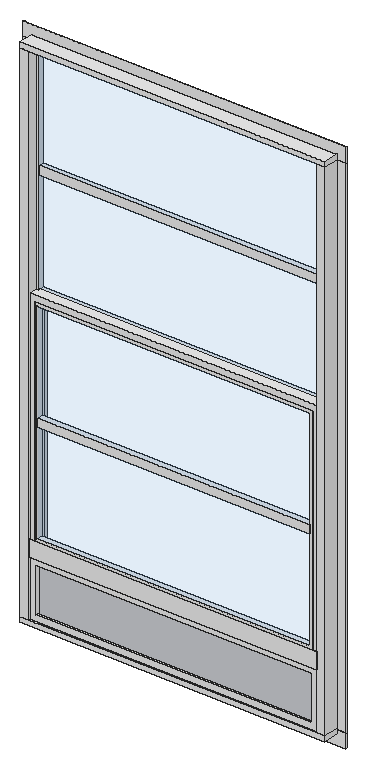
Revit family "Window_Curtain_Wall-Single_Hung-Traco-TR_9100-Heavy_Commercial-Tri_Lite", category Windows, Revit 2015 (continued)
Definition of nested family "Screen-Exterior-Traco-Half"
  Parameters
    Height [instance] = 7' - 0"
    Frame Width = 0' - 1 1/2"
    Frame Thickness = 0' - 0 3/8"
    Default Elevation = 4' - 0"
    Copyright © = "2011 Traco"  # constant formula
    CTRL Width [instance] = Width  # 4' - 0"
    CTRL Height [instance] = Height  # 7' - 0"
    Assembly Code = "B2010300"
  Reference planes (in)
    plane 1 "Center (Front/Back)": y = 0
    plane 2 "Original Ref": z = 0
    plane 3 "Center (Left/Right)": x = -1
    plane 4 "Bottom": z = 1.5
    plane 5 "Front": y = -42
    plane 6 "Back": y = 42
    plane 7 "Left": x = -25
    plane 8 "Right": x = 23
    plane 9 "Back Inset": y = 40.5
    plane 10 "Left Inset": x = -23.5
    plane 11 "Right Inset": x = 21.5
    plane 12 "Top": z = 1.875
    plane 13 "Front Inset": y = -40.5
    plane 14 "Screen Bottom": z = 1.635
  Forms (in)
    Extrusion 1, solid
      sketch origin (0, 0, 0) x (1, 0, 0) y (0, 1, 0)
        loop
          line (-48, 48) -> (-48, -48) -> (48, -48) -> (48, 48) -> (-48, 48)
      from 0 to -12
    Extrusion 2, solid, material <- "Frame Material", detail levels medium+fine
      sketch origin (0, 0, 0) x (1, 0, 0) y (0, 1, 0)
        loop
          line (-25, 42) -> (-25, -42) -> (23, -42) -> (23, 42) -> (-25, 42)
        loop
          line (21.5, -40.5) -> (21.5, 40.5) -> (-23.5, 40.5) -> (-23.5, -40.5) -> (21.5, -40.5)
      from 1.5 to 1.875
    Extrusion 3, solid, material <- "Screen Material", detail levels medium+fine
      sketch origin (0, 0, 1.875) x (-1, 0, 0) y (0, -1, 0)
        loop
          line (-21.5, 40.5) -> (-21.5, -40.5) -> (23.5, -40.5) -> (23.5, 40.5) -> (-21.5, 40.5)
      from -0.24 to 0
  Lines and regions (in)
    Masking region 1, detail levels medium+fine
      outline origin (0, 0, 0) x (1, 0, 0) y (0, 0, 1)
        loop
          line (-25, 1.875) -> (-25, 1.5) -> (-23.5, 1.5) -> (-23.5, 1.875) -> (-25, 1.875)
        loop
          line (23, 1.5) -> (23, 1.875) -> (21.5, 1.875) -> (21.5, 1.5) -> (23, 1.5)
    Masking region 2, detail levels medium+fine
      outline origin (0, 0, 1.875) x (-1, 0, 0) y (0, -1, 0)
        loop
          line (-23, 42) -> (-23, -42) -> (25, -42) -> (25, 42) -> (-23, 42)
        loop
          line (23.5, -40.5) -> (23.5, 40.5) -> (-21.5, 40.5) -> (-21.5, -40.5) -> (23.5, -40.5)
    Masking region 3, detail levels medium+fine
      outline origin (-1, 0, 0) x (0, 1, 0) y (0, 0, 1)
        loop
          line (-42, 1.875) -> (-42, 1.5) -> (-40.5, 1.5) -> (-40.5, 1.875) -> (-42, 1.875)
        loop
          line (42, 1.5) -> (42, 1.875) -> (40.5, 1.875) -> (40.5, 1.5) -> (42, 1.5)
    model lines, detail levels coarse
      curve 1: line (-25, -42, 1.875) -> (23, -42, 1.875)
      curve 2: line (23, -42, 1.875) -> (23, 42, 1.875)
      curve 3: line (23, 42, 1.875) -> (-25, 42, 1.875)
      curve 4: line (-25, 42, 1.875) -> (-25, -42, 1.875)
    model lines, detail levels fine
      curve 5: line (-25, 42, 1.875) -> (-23.5, 40.5, 1.875)
      curve 6: line (21.5, 40.5, 1.875) -> (23, 42, 1.875)
      curve 7: line (-25, -42, 1.875) -> (-23.5, -40.5, 1.875)
      curve 8: line (21.5, -40.5, 1.875) -> (23, -42, 1.875)
    symbolic lines
      curve 9: line (21.5, 0, 1.635) -> (-23.5, 0, 1.635)
      curve 10: line (-1, 40.5, 1.635) -> (-1, -40.5, 1.635)
      curve 13: line (-23.5, -40.5, 1.875) -> (21.5, 40.5, 1.875)
    symbolic lines, detail levels medium+fine
      curve 11: line (-23.5, 0, 1.875) -> (-1, 40.5, 1.875)
      curve 12: line (-1, -40.5, 1.875) -> (21.5, 0, 1.875)
    symbolic lines, detail levels coarse
      curve 14: line (-23.5, 0, 1.635) -> (-23.5, 0, 1.5)
      curve 15: line (21.5, 0, 1.635) -> (21.5, 0, 1.5)
      curve 16: line (-1, -40.5, 1.5) -> (-1, -40.5, 1.635)
      curve 17: line (-1, 40.5, 1.5) -> (-1, 40.5, 1.635)
  Dimensions and locks (in)
    plane 4 "Bottom" to plane 2 "Original Ref" = 0' - 1 1/2"
    "CTRL Width": plane 7 "Left" to plane 8 "Right"
    "CTRL Height": plane 5 "Front" to plane 6 "Back"
    "Frame Width": plane 6 "Back" to plane 9 "Back Inset"
    "Frame Width": plane 7 "Left" to plane 10 "Left Inset"
    "Frame Width": plane 11 "Right Inset" to plane 8 "Right"
    "Frame Thickness": plane 12 "Top" to plane 4 "Bottom"
    "Frame Width": plane 5 "Front" to plane 13 "Front Inset"
    equal spacing: plane 7 "Left", plane 3 "Center (Left/Right)", plane 8 "Right"
    locked: plane 12 "Top" to plane 14 "Screen Bottom" at 0.24
    equal spacing: plane 5 "Front", plane 1 "Center (Front/Back)", plane 6 "Back"
    "Screen Offset": plane 4 "Bottom" to plane 2 "Original Ref"
    aligned and locked: plane 2 "Original Ref" to Extrusion 1
    aligned and locked: level to Extrusion 1
    aligned and locked: Masking region 1 sketch curve to plane 12 "Top"
    aligned and locked: plane 4 "Bottom" to Masking region 1 sketch curve
    aligned and locked: Masking region 1 sketch curve to plane 7 "Left"
    aligned and locked: Masking region 2 sketch curve to plane 6 "Back"
    aligned and locked: Masking region 2 sketch curve to plane 7 "Left"
    aligned and locked: Masking region 2 sketch curve to plane 5 "Front"
    aligned and locked: Masking region 2 sketch curve to plane 8 "Right"
    aligned and locked: Masking region 2 sketch curve to plane 11 "Right Inset"
    aligned and locked: Masking region 2 sketch curve to plane 10 "Left Inset"
    aligned and locked: Masking region 2 sketch curve to plane 9 "Back Inset"
    aligned and locked: Masking region 2 sketch curve to plane 13 "Front Inset"
    aligned and locked: Extrusion 2 sketch curve to plane 9 "Back Inset"
    aligned and locked: Extrusion 2 sketch curve to plane 6 "Back"
    aligned and locked: Extrusion 2 sketch curve to plane 11 "Right Inset"
    aligned and locked: Extrusion 2 sketch curve to plane 8 "Right"
    aligned and locked: Extrusion 2 sketch curve to plane 10 "Left Inset"
    aligned and locked: Extrusion 2 sketch curve to plane 7 "Left"
    aligned and locked: Extrusion 2 sketch curve to plane 13 "Front Inset"
    aligned and locked: Extrusion 2 sketch curve to plane 5 "Front"
    aligned and locked: plane 12 "Top" to Extrusion 2
    aligned and locked: Extrusion 2 to plane 4 "Bottom"
    aligned and locked: curve 1 to Extrusion 2
    aligned and locked: curve 2 to Extrusion 2
    aligned and locked: curve 4 to Extrusion 2
    aligned and locked: Masking region 1 sketch curve to plane 8 "Right"
    aligned and locked: Masking region 3 sketch curve to plane 6 "Back"
    aligned and locked: Masking region 3 sketch curve to plane 5 "Front"
    aligned and locked: Masking region 3 sketch curve to plane 12 "Top"
    aligned and locked: Masking region 3 to plane 4 "Bottom"
    aligned and locked: plane 11 "Right Inset" to curve 8
    aligned and locked: plane 10 "Left Inset" to curve 7
    aligned and locked: plane 7 "Left" to curve 7
    aligned and locked: plane 10 "Left Inset" to curve 5
    aligned and locked: plane 11 "Right Inset" to curve 6
    aligned and locked: plane 5 "Front" to curve 8
    aligned and locked: plane 13 "Front Inset" to curve 8
    aligned and locked: plane 9 "Back Inset" to curve 6
    aligned and locked: plane 9 "Back Inset" to curve 5
    aligned and locked: plane 8 "Right" to curve 3
    aligned and locked: Extrusion 3 sketch curve to plane 9 "Back Inset"
    aligned and locked: Extrusion 3 sketch curve to plane 10 "Left Inset"
    aligned and locked: Extrusion 3 sketch curve to plane 13 "Front Inset"
    aligned and locked: Extrusion 3 sketch curve to plane 11 "Right Inset"
    aligned and locked: Extrusion 3 to plane 14 "Screen Bottom"
    aligned and locked: plane 12 "Top" to Extrusion 3
    aligned and locked: Masking region 1 sketch curve to plane 10 "Left Inset"
    aligned and locked: Masking region 1 sketch curve to plane 11 "Right Inset"
    aligned and locked: plane 11 "Right Inset" to curve 9
    aligned and locked: plane 14 "Screen Bottom" to curve 9
    aligned and locked: Masking region 3 sketch curve to plane 13 "Front Inset"
    aligned and locked: Masking region 3 sketch curve to plane 9 "Back Inset"
    aligned and locked: plane 13 "Front Inset" to curve 10
    aligned and locked: plane 9 "Back Inset" to curve 10
    aligned and locked: plane 14 "Screen Bottom" to curve 10
    aligned and locked: plane 6 "Back" to curve 6
    aligned and locked: plane 1 "Center (Front/Back)" to curve 12
    aligned and locked: plane 11 "Right Inset" to curve 12
    aligned and locked: plane 9 "Back Inset" to curve 11
    aligned and locked: plane 3 "Center (Left/Right)" to curve 11
    aligned and locked: plane 13 "Front Inset" to curve 12
    aligned and locked: plane 3 "Center (Left/Right)" to curve 12
    aligned and locked: plane 13 "Front Inset" to curve 13
    aligned and locked: plane 10 "Left Inset" to curve 11
    aligned and locked: plane 1 "Center (Front/Back)" to curve 11
    aligned and locked: plane 10 "Left Inset" to curve 14
    aligned and locked: plane 14 "Screen Bottom" to curve 14
    aligned and locked: plane 4 "Bottom" to curve 14
    aligned and locked: plane 14 "Screen Bottom" to curve 16
    aligned and locked: plane 4 "Bottom" to curve 16
    aligned and locked: curve 16 to plane 13 "Front Inset"
  Automatic sketch dimensions
    Extrusion 1 sketch curve to Extrusion 1 sketch curve = 8' - 0"  (x2)
    curve 15 to plane 4 "Bottom" = 0' - 0"
    Masking region 1 sketch curve to plane 4 "Bottom" = 0' - 0"
    Masking region 1 sketch curve to plane 12 "Top" = 0' - 0"
    Masking region 3 sketch curve to plane 4 "Bottom" = 0' - 0"  (x2)
    Masking region 3 sketch curve to plane 12 "Top" = 0' - 0"
    curve 17 to plane 4 "Bottom" = 0' - 0"
Definition of nested family "Muntin-Square-Traco-Single"
  Parameters
    Width Top = 0' - 1 1/4"
    Width Base = 0' - 1 1/4"
    URL = "http://www.alcoa.com/traco/en/home.asp"
    Product Page URL = "http://www.alcoa.com/traco/en/product.asp?prod_id=4228"
    Product Documentation Link = "http://www.alcoa.com/traco/en/cad_spec.asp?prod_id=4228&area=prod"
    Material [instance] = none
    Manufacturer = "Traco"  # constant formula
    Length [instance] = 1' - 0"
    Height = 0' - 3"
    Description = "True Muntin"
    Copyright © = "2011 Traco"  # constant formula
  Reference planes (in)
    plane 1 "Center (Front/Back)": y = 0
    plane 2 "Original Bottom": z = 0
    plane 3 "Center (Left/Right)": x = 0
    plane 4 "Left": x = -6
    plane 5 "Right": x = 6
    plane 6 "Back": y = 0.625
    plane 7 "Front": y = -0.625
    plane 8 "Back Inset": y = 0.625
    plane 9 "Front Inset": y = -0.625
    plane 10 "Top": z = 3
    plane 11 "Bottom": z = 0
    plane 12 "Center T/B": z = 1.5
  Forms (in)
    Sweep 1, solid, material <- "Material", detail levels medium+fine
      path origin (0, 0, 0) x (0, -1, 0) y (1, 0, 0)
        loop
          line (0, 6) -> (0, -6)
      profile origin (0, 0, 0) x (0, -1, 0) y (0, 0, 1)
        loop
          line (0.625, 0) -> (0.625, 3) -> (-0.625, 3) -> (-0.625, 0) -> (0.625, 0)
  Lines and regions (in)
    Masking region 1, detail levels medium+fine
      outline origin (0, 0, 0) x (0, 1, 0) y (0, 0, 1)
        loop
          line (0.625, 0) -> (0.625, 3) -> (-0.625, 3) -> (-0.625, 0) -> (0.625, 0)
    Masking region 2, detail levels medium+fine
      outline origin (0, 0, 0) x (1, 0, 0) y (0, 1, 0)
        loop
          line (6, -0.625) -> (6, 0.625) -> (-6, 0.625) -> (-6, -0.625) -> (6, -0.625)
    Masking region 3, detail levels medium+fine
      outline origin (0, 0, 0) x (1, 0, 0) y (0, 0, 1)
        loop
          line (6, 0) -> (6, 3) -> (-6, 3) -> (-6, 0) -> (6, 0)
    symbolic lines, detail levels coarse
      curve 1: line (0, 0, 0) -> (0, 0, 3)
      curve 2: line (-6, 0, 0) -> (6, 0, 0)
      curve 3: line (-6, 0, 0) -> (-6, 0, 3)
      curve 4: line (-6, 0, 3) -> (6, 0, 3)
      curve 5: line (6, 0, 3) -> (6, 0, 0)
    model lines, detail levels coarse
      curve 6: line (-6, 0, 0) -> (6, 0, 0)
  Dimensions and locks (in)
    equal spacing: plane 4 "Left", plane 3 "Center (Left/Right)", plane 5 "Right"
    "Length": plane 4 "Left" to plane 5 "Right"
    equal spacing: plane 6 "Back", plane 1 "Center (Front/Back)", plane 7 "Front"
    "Width Base": plane 7 "Front" to plane 6 "Back"
    equal spacing: plane 8 "Back Inset", plane 1 "Center (Front/Back)", plane 9 "Front Inset"
    "Width Top": plane 9 "Front Inset" to plane 8 "Back Inset"
    locked: plane 11 "Bottom" to plane 2 "Original Bottom" at 0
    "Height": plane 10 "Top" to plane 11 "Bottom"
    equal spacing: plane 10 "Top", plane 12 "Center T/B", plane 11 "Bottom"
    aligned and locked: plane 2 "Original Bottom" to level
    aligned and locked: plane 4 "Left" to Sweep 1 sketch curve
    aligned and locked: Sweep 1 sketch curve to plane 1 "Center (Front/Back)"
    aligned and locked: plane 5 "Right" to Sweep 1 sketch curve
    aligned and locked: plane 7 "Front" to Sweep 1 sketch curve
    aligned and locked: plane 11 "Bottom" to Sweep 1 sketch curve  (x2)
    aligned and locked: plane 6 "Back" to Sweep 1 sketch curve
    aligned and locked: plane 10 "Top" to Sweep 1 sketch curve
    aligned and locked: plane 8 "Back Inset" to Sweep 1 sketch curve
    aligned and locked: plane 9 "Front Inset" to Sweep 1 sketch curve
    aligned and locked: Sweep 1 sketch curve to plane 10 "Top"
    aligned and locked: Masking region 1 sketch curve to plane 11 "Bottom"
    aligned and locked: plane 10 "Top" to Masking region 1 sketch curve
    aligned and locked: plane 8 "Back Inset" to Masking region 1 sketch curve
    aligned and locked: plane 9 "Front Inset" to Masking region 1 sketch curve
    aligned and locked: plane 7 "Front" to Masking region 1 sketch curve
    aligned and locked: plane 6 "Back" to Masking region 1 sketch curve
    aligned and locked: curve 1 to plane 1 "Center (Front/Back)"
    aligned and locked: plane 11 "Bottom" to curve 1
    aligned and locked: plane 10 "Top" to curve 1
    aligned and locked: plane 4 "Left" to curve 2
    aligned and locked: plane 5 "Right" to curve 2
    aligned and locked: plane 1 "Center (Front/Back)" to curve 2
    aligned and locked: Masking region 2 sketch curve to plane 4 "Left"
    aligned and locked: Masking region 2 sketch curve to plane 5 "Right"
    aligned and locked: Masking region 2 sketch curve to plane 6 "Back"
    aligned and locked: Masking region 2 sketch curve to plane 7 "Front"
    aligned and locked: Masking region 3 sketch curve to plane 4 "Left"
    aligned and locked: Masking region 3 sketch curve to plane 5 "Right"
    aligned and locked: plane 11 "Bottom" to Masking region 3 sketch curve
    aligned and locked: Masking region 3 sketch curve to plane 10 "Top"
    aligned and locked: plane 11 "Bottom" to curve 3
    aligned and locked: plane 11 "Bottom" to curve 5
    aligned and locked: curve 5 to plane 5 "Right"
    aligned and locked: curve 3 to plane 4 "Left"
    aligned and locked: curve 4 to plane 10 "Top"
    aligned and locked: plane 5 "Right" to curve 6
    aligned and locked: plane 4 "Left" to curve 6
    aligned and locked: plane 1 "Center (Front/Back)" to curve 6
Definition of nested family "Muntin-Grid-Traco-Lites"
  Parameters
    URL = "http://www.alcoa.com/traco/en/home.asp"
    Sash Height [instance] = 4' - 0"
    Muntin Vertical Count = if((Lite Vertical Count - 1) < 2, 2, (Lite Vertical Count - 1))  # 2
    Muntin Type = Muntin-Trapezoid-Traco-Single : H-081
    Muntin Horizontal Count = if((Lite Horizontal Count - 1) < 2, 2, (Lite Horizontal Count - 1))  # 2
    Material [instance] = none
    Manufacturer = "Traco"  # constant formula
    Lite Vertical Count = 3
    Lite Horizontal Count = 3
    Length [instance] = 4' - 0"
    Has True Muntins = no
    Has Interior Muntins = no
    Has Exterior Muntins = yes
    Glazing Thickness [instance] = 0' - 0 7/8"
    Default Elevation = 4' - 0"
    Copyright © = "2011 Traco"  # constant formula
    CTRL Muntin Vertical Distance [instance] = Sash Height / (Lite Vertical Count)  # 1' - 4"
    CTRL Muntin Horizontal Distance [instance] = Length / (Lite Horizontal Count)  # 1' - 4"
    CTRL Face Offset [instance] = if(Has Interior Muntins, 0' 0 1/4", if(Has Exterior Muntins, Glazing Thickness, Glazing Thickness / 2))  # 0' - 0 7/8"
    CTRL Bar Vertical Visibility [instance] = Lite Vertical Count = 2  # no
    CTRL Bar Horizontal Visibility [instance] = Lite Horizontal Count = 2  # no
    CTRL Array Vertical Visibility [instance] = Lite Vertical Count > 2  # yes
    CTRL Array Horizontal Visibility [instance] = Lite Horizontal Count > 2  # yes
    Assembly Code = "B2020110"
  Reference planes (in)
    plane 1 "Center (Front/Back)": y = 0
    plane 2 "Original  Bottom": z = 0
    plane 3 "Center (Left/Right)": x = 0
    plane 4 "Left": x = -24
    plane 5 "Right": x = 24
    plane 6 "Bottom": z = 0.4375
    plane 7 "Glass Top": z = 0.4375
    plane 8 "Glass Bottom": z = -0.4375
    plane 9 "Back": y = 24
    plane 10 "Front": y = -24
    plane 11 "Bar 1 Vertical": y = -8
    plane 12 "Bar Last Vertical": y = 8
    plane 13 "Bar Last Horizontal": x = 8
    plane 14 "Bar 1 Horizontal": x = -8
  Forms (in)
    Extrusion 1, solid
      sketch origin (0, 0, 0) x (1, 0, 0) y (0, 1, 0)
        loop
          line (-48, 48) -> (-48, -48) -> (48, -48) -> (48, 48) -> (-48, 48)
      from 0 to -12
  Dimensions and locks (in)
    equal spacing: plane 4 "Left", plane 3 "Center (Left/Right)", plane 5 "Right"
    "Length": plane 4 "Left" to plane 5 "Right"
    "Glazing Thickness": plane 7 "Glass Top" to plane 8 "Glass Bottom"
    equal spacing: plane 9 "Back", plane 1 "Center (Front/Back)", plane 10 "Front"
    "Sash Height": plane 10 "Front" to plane 9 "Back"
    "CTRL Muntin Vertical Distance": plane 10 "Front" to plane 11 "Bar 1 Vertical"
    "CTRL Muntin Vertical Distance": plane 12 "Bar Last Vertical" to plane 9 "Back"
    "CTRL Muntin Horizontal Distance": plane 4 "Left" to plane 14 "Bar 1 Horizontal"
    "CTRL Muntin Horizontal Distance": plane 13 "Bar Last Horizontal" to plane 5 "Right"
    equal spacing: plane 7 "Glass Top", plane 2 "Original  Bottom", plane 8 "Glass Bottom"
    group 1 to group 2 = 0' - 0"  (x2)
    group 1 to group 2 = 1' - 4"
    group 3 to group 4 = 1' - 4"
    group 3 to group 4 = 0' - 0"  (x2)
    "CTRL Face Offset": plane 6 "Bottom" to plane 8 "Glass Bottom"
    aligned and locked: plane 2 "Original  Bottom" to Extrusion 1
    aligned and locked: level to Extrusion 1
    aligned and locked: plane 6 "Bottom" to nested 1
    aligned and locked: plane 6 "Bottom" to nested 3
    aligned and locked: plane 6 "Bottom" to nested 2
    aligned and locked: plane 6 "Bottom" to nested 4
    aligned and locked: nested 3 to plane 11 "Bar 1 Vertical"
    aligned and locked: nested 4 to plane 14 "Bar 1 Horizontal"
    aligned and locked: nested 3 to plane 3 "Center (Left/Right)"
    aligned and locked: plane 1 "Center (Front/Back)" to nested 4
    aligned and locked: plane 3 "Center (Left/Right)" to nested 2
    aligned and locked: nested 2 to plane 1 "Center (Front/Back)"
    aligned and locked: plane 1 "Center (Front/Back)" to nested 1
    aligned and locked: plane 3 "Center (Left/Right)" to nested 1
    aligned and locked: nested 5 to plane 3 "Center (Left/Right)"
    aligned and locked: plane 1 "Center (Front/Back)" to nested 6
    aligned and locked: plane 6 "Bottom" to nested 6
    aligned and locked: nested 5 to plane 12 "Bar Last Vertical"
    aligned and locked: nested 6 to plane 13 "Bar Last Horizontal"
    aligned and locked: plane 6 "Bottom" to nested 5
  Automatic sketch dimensions
    Extrusion 1 sketch curve to Extrusion 1 sketch curve = 8' - 0"  (x2)
  Nested families (in)
    nested 1: "Muntin-Trapezoid-Traco-Single" at (0, 0, 0.4375), Length <- "Length", visible <- "CTRL Bar Vertical Visibility", type <- "Muntin Type", Material <- "Material", type "H-081"
      with Material none, Length 4' - 0"
    nested 2: "Muntin-Trapezoid-Traco-Single" at (0, 0, 0.4375) x (0, 1, 0) z (0, 0, 1), Length <- "Sash Height", visible <- "CTRL Bar Horizontal Visibility", type <- "Muntin Type", Material <- "Material", type "H-081"
      with Material none, Length 4' - 0"
    nested 3: "Muntin-Trapezoid-Traco-Single" at (0, -8, 0.4375) x (-1, 0, 0) z (0, 0, 1), Length <- "Length", visible <- "CTRL Array Horizontal Visibility", type <- "Muntin Type", Material <- "Material", type "H-081"
      with Material none, Length 4' - 0"
    nested 4: "Muntin-Trapezoid-Traco-Single" at (-8, 0, 0.4375) x (0, -1, 0) z (0, 0, 1), Length <- "Sash Height", visible <- "CTRL Array Horizontal Visibility", type <- "Muntin Type", Material <- "Material", type "H-081"
      with Material none, Length 4' - 0"
    nested 5: "Muntin-Trapezoid-Traco-Single" at (0, 8, 0.4375) x (-1, 0, 0) z (0, 0, 1), Length <- "Length", visible <- "CTRL Array Horizontal Visibility", type <- "Muntin Type", Material <- "Material", type "H-081"
      with Material none, Length 4' - 0"
    nested 6: "Muntin-Trapezoid-Traco-Single" at (8, 0, 0.4375) x (0, -1, 0) z (0, 0, 1), Length <- "Sash Height", visible <- "CTRL Array Horizontal Visibility", type <- "Muntin Type", Material <- "Material", type "H-081"
      with Material none, Length 4' - 0"
  Definition of nested family "Muntin-Trapezoid-Traco-Single"
    Parameters
      Width Top = 0' - 0 7/16"
      Width Base = 0' - 1"
      URL = "http://www.alcoa.com/traco/en/home.asp"
      Product Page URL = "http://www.alcoa.com/traco/en/product.asp?prod_id=4228"
      Product Documentation Link = "http://www.alcoa.com/traco/en/cad_spec.asp?prod_id=4228&area=prod"
      Material [instance] = none
      Manufacturer = "Traco"  # constant formula
      Length [instance] = 1' - 0"
      Height = 0' - 0 5/8"
      Description = "Trapezoidal Profile"
      Copyright © = "2011 Traco"  # constant formula
    Reference planes (in)
      plane 1 "Center (Front/Back)": y = 0
      plane 2 "Original Bottom": z = 0
      plane 3 "Center (Left/Right)": x = 0
      plane 4 "Left": x = -6
      plane 5 "Right": x = 6
      plane 6 "Back": y = 0.5
      plane 7 "Front": y = -0.5
      plane 8 "Back Inset": y = 0.21875
      plane 9 "Front Inset": y = -0.21875
      plane 10 "Top": z = 0.625
      plane 11 "Bottom": z = 0
    Forms (in)
      Sweep 1, solid, material <- "Material", detail levels medium+fine
        path origin (0, 0, 0) x (0, -1, 0) y (1, 0, 0)
          loop
            line (0, 6) -> (0, -6)
        profile origin (0, 0, 0) x (0, -1, 0) y (0, 0, 1)
          loop
            line (0.5, 0) -> (0.21875, 0.625) -> (-0.21875, 0.625) -> (-0.5, 0) -> (0.5, 0)
    Lines and regions (in)
      Masking region 1, detail levels medium+fine
        outline origin (0, 0, 0) x (0, 1, 0) y (0, 0, 1)
          loop
            line (0.5, 0) -> (0.21875, 0.625) -> (-0.21875, 0.625) -> (-0.5, 0) -> (0.5, 0)
      Masking region 2, detail levels medium+fine
        outline origin (0, 0, 0) x (1, 0, 0) y (0, 1, 0)
          loop
            line (6, -0.5) -> (6, 0.5) -> (-6, 0.5) -> (-6, -0.5) -> (6, -0.5)
      Masking region 3, detail levels medium+fine
        outline origin (0, 0, 0) x (1, 0, 0) y (0, 0, 1)
          loop
            line (6, 0) -> (6, 0.625) -> (-6, 0.625) -> (-6, 0) -> (6, 0)
      symbolic lines, detail levels coarse
        curve 1: line (0, 0, 0) -> (0, 0, 0.625)
        curve 2: line (-6, 0, 0) -> (6, 0, 0)
        curve 3: line (-6, 0, 0) -> (-6, 0, 0.625)
        curve 4: line (-6, 0, 0.625) -> (6, 0, 0.625)
        curve 5: line (6, 0, 0.625) -> (6, 0, 0)
      model lines, detail levels coarse
        curve 6: line (-6, 0, 0) -> (6, 0, 0)
    Dimensions and locks (in)
      equal spacing: plane 4 "Left", plane 3 "Center (Left/Right)", plane 5 "Right"
      "Length": plane 4 "Left" to plane 5 "Right"
      equal spacing: plane 6 "Back", plane 1 "Center (Front/Back)", plane 7 "Front"
      "Width Base": plane 7 "Front" to plane 6 "Back"
      equal spacing: plane 8 "Back Inset", plane 1 "Center (Front/Back)", plane 9 "Front Inset"
      "Width Top": plane 9 "Front Inset" to plane 8 "Back Inset"
      locked: plane 11 "Bottom" to plane 2 "Original Bottom" at 0
      "Height": plane 10 "Top" to plane 11 "Bottom"
      aligned and locked: plane 2 "Original Bottom" to level
      aligned and locked: plane 4 "Left" to Sweep 1 sketch curve
      aligned and locked: Sweep 1 sketch curve to plane 1 "Center (Front/Back)"
      aligned and locked: plane 5 "Right" to Sweep 1 sketch curve
      aligned and locked: plane 7 "Front" to Sweep 1 sketch curve
      aligned and locked: plane 11 "Bottom" to Sweep 1 sketch curve  (x2)
      aligned and locked: plane 6 "Back" to Sweep 1 sketch curve
      aligned and locked: plane 10 "Top" to Sweep 1 sketch curve
      aligned and locked: plane 8 "Back Inset" to Sweep 1 sketch curve
      aligned and locked: plane 9 "Front Inset" to Sweep 1 sketch curve
      aligned and locked: Sweep 1 sketch curve to plane 10 "Top"
      aligned and locked: Masking region 1 sketch curve to plane 11 "Bottom"
      aligned and locked: plane 10 "Top" to Masking region 1 sketch curve
      aligned and locked: plane 8 "Back Inset" to Masking region 1 sketch curve
      aligned and locked: plane 9 "Front Inset" to Masking region 1 sketch curve
      aligned and locked: plane 7 "Front" to Masking region 1 sketch curve
      aligned and locked: plane 6 "Back" to Masking region 1 sketch curve
      aligned and locked: curve 1 to plane 1 "Center (Front/Back)"
      aligned and locked: plane 11 "Bottom" to curve 1
      aligned and locked: plane 10 "Top" to curve 1
      aligned and locked: plane 4 "Left" to curve 2
      aligned and locked: plane 5 "Right" to curve 2
      aligned and locked: plane 1 "Center (Front/Back)" to curve 2
      aligned and locked: Masking region 2 sketch curve to plane 4 "Left"
      aligned and locked: Masking region 2 sketch curve to plane 5 "Right"
      aligned and locked: Masking region 2 sketch curve to plane 6 "Back"
      aligned and locked: Masking region 2 sketch curve to plane 7 "Front"
      aligned and locked: Masking region 3 sketch curve to plane 4 "Left"
      aligned and locked: Masking region 3 sketch curve to plane 5 "Right"
      aligned and locked: plane 11 "Bottom" to Masking region 3 sketch curve
      aligned and locked: Masking region 3 sketch curve to plane 10 "Top"
      aligned and locked: plane 11 "Bottom" to curve 3
      aligned and locked: plane 11 "Bottom" to curve 5
      aligned and locked: curve 5 to plane 5 "Right"
      aligned and locked: curve 3 to plane 4 "Left"
      aligned and locked: curve 4 to plane 10 "Top"
      aligned and locked: plane 5 "Right" to curve 6
      aligned and locked: plane 4 "Left" to curve 6
      aligned and locked: plane 1 "Center (Front/Back)" to curve 6
